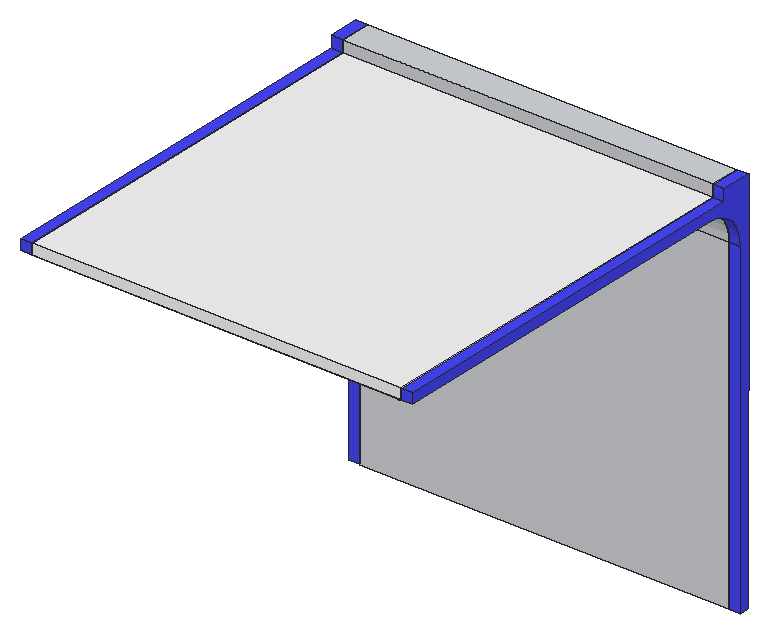
Revit family
Parameters
  WallToRadiusCenter = Door Thickness + if([2" Track], 0' 1", 0' 2") + (Door Height - if([2" Track], 0' 8", 1' 0")) * 0' 0 1/8" / 1' 0" + (Vertical Track Length - (Door Height - if([2" Track], 0' 8", 1' 0"))) * 0' 0 1/2" / 1' 0" + 1' 3"  # 1' - 7.16667"
  Vertical Track Length = Door Height - if([2" Track], 1' 2", 1' 6")  # 10' - 10"
  URL = "www.clopaydoor.com"
  Torsion Rear = not(Torsion Front)  # no
  Torsion Front = yes
  Thickness = Door Thickness + Strut Size  # 0' - 2"
  Strut Size = 0' - 0"
  Sideroom = if([3" Track], 0' 5 1/2", 0' 4 1/2")  # 0' - 4 1/2"
  Overlapping Jamb = yes
  Operator - Trolley = no
  Opening Width = 12' - 0"
  Opening Height = 12' - 0"
  Opener - Jackshaft Right-Hand = no
  Opener - Jackshaft Left-Hand = no
  Model = "N/A"
  Manufacturer = "Clopay Building Products"
  Horizontal Thickness = if([2" Track], 0' 4", 0' 8")  # 0' - 4"
  Headroom = if([3" Track], if(Torsion Front, 1' 1", 0' 10"), if(Torsion Front, 0' 10", 0' 6 1/2"))  # 0' - 10"
  Function = (empty or 0)
  Height = Opening Height + Sideroom * 0  # 12' - 0"
  Wall Closure = (empty or 0)
  Width = Opening Width + Sideroom * 0  # 12' - 0"
  Door Width = Opening Width + if(Overlapping Jamb, 0' 2", 0' 0")  # 12' - 2"
  Door Thickness = 0' - 2"
  Door Height = Opening Height + Sideroom * 0  # 12' - 0"
  Description = "Simple Solid Body for Interference Checking"
  BulkThickness = WallToRadiusCenter - 1' 3 3/8"  # 0' - 3.79167"
  Backroom = (BulkThickness + Door Height + if([3" Track], 1' 9", 1' 6")) + if(Torsion Rear, 1' 2", 0' 0")  # 13' - 9.79167"
  Assembly Code = "B2030410"
  Addl Strut Thickness = if(Thickness - BulkThickness > 0' 0 13/128", Thickness - BulkThickness, 0' 0 13/128")  # 0' - 0 13/128"
  3" Track = no
  2" Track = not([3" Track])  # yes
Reference planes (in)
  plane 1 "Center (Front/Back)": y = 0
  plane 2 "Center (Left/Right)": x = 0
  plane 3 "Left": x = -72
  plane 4 "Right": x = 72
  plane 5 "Header": z = 144
  plane 6 "Exterior": y = 3
  plane 7 "Interior": y = -3
  plane 8: x = -73
  plane 9: x = 73
  plane 10: z = 154
  plane 11: z = 130
  plane 12: y = -2
  plane 13: y = -22.16667
Forms (in)
  Extrusion 1, solid, material "White"
    sketch origin (73, -12, 0) x (0, 0, -1) y (0, -1, 0)
      loop
        line (0, -9) -> (0, -5.20833) -> (-130, -5.20833)
        arc (-130, -5.20833) -> (-140.87177, -0.7051) -> (-145.375, 10.16667) r 15.375
        line (-145.375, 10.16667) -> (-145.375, 156.79167) -> (-149.375, 156.79167) -> (-149.375, -9) -> (0, -9)
    from 0 to 146 <- "Door Width"
  Extrusion 2, solid, visible <- "Torsion Front"
    sketch origin (73, -12, 0) x (0, 0, -1) y (0, -1, 0)
      loop
        line (-154, -9) -> (-149.375, -9) -> (-149.375, 3) -> (-154, 3) -> (-154, -9)
    from 0 to 146 <- "Door Width"
  Extrusion 3, solid
    sketch origin (73, -12, 0) x (0, 0, -1) y (0, -1, 0)
      loop
        line (0, -5.20833) -> (0, -5.10677) -> (-130, -5.10677)
        arc (-130, -5.10677) -> (-140.7948, -0.68788) -> (-145.27344, 10.08228) r 15.18928
        line (-145.27344, 10.08228) -> (-145.27344, 156.79167) -> (-145.375, 156.79167) -> (-145.375, 10.16667)
        arc (-145.375, 10.16667) -> (-140.87177, -0.7051) -> (-130, -5.20833) r 15.375
        line (-130, -5.20833) -> (0, -5.20833)
    from 0 to 146 <- "Door Width"
  Extrusion 4, solid, material "Blue"
    sketch origin (-73, -12, 0) x (0, 0, -1) y (0, -1, 0)
      loop
        line (0, -9) -> (0, -5.20833) -> (-130, -5.20833)
        arc (-130, -5.20833) -> (-140.87177, -0.7051) -> (-145.375, 10.16667) r 15.375
        line (-145.375, 10.16667) -> (-145.375, 156.79167) -> (-149.375, 156.79167) -> (-149.375, 3) -> (-154, 3) -> (-154, -9) -> (0, -9)
    from 0 to 4.5 <- "Sideroom"
  Extrusion 5, solid, material "Red", visible <- "Opener - Jackshaft Left-Hand"
    sketch origin (-77.5, -12, 0) x (0, 0, -1) y (0, -1, 0)
      loop
        line (-154, -9) -> (-118, -9) -> (-118, 3) -> (-154, 3) -> (-154, -9)
    from 0 to 24
  Extrusion 6, solid, material "Blue"
    sketch origin (73, -12, 0) x (0, 0, 1) y (0, -1, 0)
      loop
        line (0, -9) -> (154, -9) -> (154, 3) -> (149.375, 3) -> (149.375, 156.79167) -> (145.375, 156.79167) -> (145.375, 10.16667)
        arc (145.375, 10.16667) -> (140.87177, -0.7051) -> (130, -5.20833) r 15.375
        line (130, -5.20833) -> (0, -5.20833) -> (0, -9)
    from 0 to 4.5 <- "Sideroom"
  Extrusion 7, solid, material "Red", visible <- "Opener - Jackshaft Right-Hand"
    sketch origin (77.5, -12, 0) x (0, 0, 1) y (0, -1, 0)
      loop
        line (154, 3) -> (118, 3) -> (118, -9) -> (154, -9) -> (154, 3)
    from 0 to 24
  Extrusion 8, solid, material "Red", visible <- "Operator - Trolley"
    sketch origin (73, -3, 149.375) x (0, -1, 0) y (1, 0, 0)
      loop
        line (165.79167, -85) -> (189.79167, -85) -> (189.79167, -61) -> (165.79167, -61) -> (165.79167, -85)
    from 2 to -10
  Extrusion 9, solid, material "Red", visible <- "Operator - Trolley"
    sketch origin (0, 0, 0) x (0, 1, 0) y (0, 0, 1)
      loop
        line (-192.79167, 151.375) -> (-192.79167, 149.37439) -> (-3, 155.10825) -> (-3, 157.10886) -> (-192.79167, 151.375)
    from 1 to -1
  Extrusion 10, solid, visible <- "Torsion Rear"
    sketch origin (-73, -12, 0) x (0, 0, 1) y (0, -1, 0)
      loop
        line (154, 144.79167) -> (154, 156.79167) -> (142, 156.79167) -> (142, 144.79167) -> (154, 144.79167)
    from 0 to 146 <- "Door Width"
  Extrusion 11, solid, material "Blue", visible <- "Torsion Rear"
    sketch origin (-73, -12, 0) x (0, 0, -1) y (0, -1, 0)
      loop
        line (-154, 144.79167) -> (-142, 144.79167) -> (-142, 156.79167) -> (-154, 156.79167) -> (-154, 144.79167)
    from 0 to 4.5 <- "Sideroom"
  Extrusion 12, solid, material "Blue", visible <- "Torsion Rear"
    sketch origin (73, -12, 0) x (0, 0, 1) y (0, -1, 0)
      loop
        line (154, 156.79167) -> (142, 156.79167) -> (142, 144.79167) -> (154, 144.79167) -> (154, 156.79167)
    from 0 to 4.5 <- "Sideroom"
Lines and regions (in)
  Opening 1
    outline origin (-60, -3, 0) x (1, 0, 0) y (0, 0, 1)
      loop
        line (132, 144) -> (-12, 144) -> (-12, 0) -> (132, 0) -> (132, 144)
Text (in)
  text "Exterior" at (-74.96733, 27.31104, 0), in view "Ref. Level"
  text "Interior" at (-74.96733, -25.14366, 0), in view "Ref. Level"
  text "Exterior" at (0, 40.15149, 123.01588), in view "Right"
  text "Interior" at (0, -64.39139, 123.01588), in view "Right"
  text "Interior" at (0, -31.01599, 123.00693), in view "Left"
  text "Exterior" at (0, 54.57065, 123.00693), in view "Left"
Dimensions and locks (in)
  equal spacing: plane 3 "Left", plane 2 "Center (Left/Right)", plane 4 "Right"
  "Height": level to plane 5 "Header"
  "Width": plane 3 "Left" to plane 4 "Right"
  equal spacing: plane 8, plane 2 "Center (Left/Right)", plane 9
  "Door Width": plane 8 to plane 9
  "Headroom": plane 10 to plane 5 "Header"
  "Vertical Track Length": plane 11 to level
  equal spacing: plane 6 "Exterior", plane 1 "Center (Front/Back)", plane 7 "Interior"
  "Thickness": plane 12 to host wall
  plane 11 to plane 5 "Header" to plane 10 = 1' - 2", 0' - 10"
  "WallToRadiusCenter": host wall to plane 13
  Extrusion 2 sketch curve to Extrusion 2 sketch curve = 1' - 0"
  "Horizontal Thickness": Extrusion 1 sketch curve to Extrusion 1 sketch curve
  "Backroom": host wall to Extrusion 1 sketch curve
  "Addl Strut Thickness": Extrusion 3 sketch curve to Extrusion 1
  "Addl Strut Thickness": Extrusion 1 to Extrusion 3 sketch curve
  Extrusion 5 sketch curve to Extrusion 5 sketch curve = 3' - 0"
  equal spacing: Extrusion 8 sketch curve, plane 2 "Center (Left/Right)", Extrusion 8 sketch curve
  Extrusion 9 sketch curve to Extrusion 5 = 0' - 3.10886"
  locked: Extrusion 9 sketch curve to Extrusion 9 sketch curve at 1.9997
  locked: Extrusion 10 sketch curve to Extrusion 10 sketch curve at 12
  locked: Extrusion 10 sketch curve to Extrusion 8 at 12
  radius of Extrusion 1 sketch curve = 1' - 3 3/8"
  aligned and locked: plane 6 "Exterior" to host wall
  aligned and locked: host wall to plane 7 "Interior"
  aligned and locked: plane 5 "Header" to Opening 1 sketch curve
  aligned and locked: plane 4 "Right" to Opening 1 sketch curve
  aligned and locked: level to Opening 1 sketch curve
  aligned and locked: Opening 1 sketch curve to plane 3 "Left"
  aligned and locked: plane 7 "Interior" to Extrusion 1 sketch curve
  aligned and locked: Extrusion 2 sketch curve to plane 10
  aligned and locked: Extrusion 1 to Extrusion 2 sketch curve  (x2)
  aligned: Extrusion 1 to Extrusion 2 sketch curve
  aligned and locked: level to Extrusion 3 sketch curve
  aligned and locked: Extrusion 3 sketch curve to Extrusion 1  (x3)
  aligned: Extrusion 4 sketch curve to Extrusion 1
  aligned and locked: Extrusion 4 sketch curve to Extrusion 1  (x3)
  aligned and locked: Extrusion 5 sketch curve to Extrusion 4
  aligned and locked: Extrusion 6 sketch curve to Extrusion 1  (x3)
  aligned and locked: Extrusion 6 sketch curve to Extrusion 2  (x2)
  aligned: Extrusion 6 sketch curve to Extrusion 1
  aligned and locked: Extrusion 7 sketch curve to Extrusion 2
  aligned and locked: Extrusion 7 sketch curve to Extrusion 5  (x3)
  aligned and locked: Extrusion 4 sketch curve to Extrusion 2
  aligned and locked: Extrusion 2 to Extrusion 4 sketch curve
  aligned and locked: Extrusion 8 sketch curve to Extrusion 1
  aligned and locked: Extrusion 9 sketch curve to Extrusion 8
  aligned and locked: Extrusion 8 to Extrusion 9 sketch curve
  aligned and locked: Extrusion 9 sketch curve to host wall
  aligned and locked: Extrusion 4 sketch curve to Extrusion 3
  aligned and locked: Extrusion 6 sketch curve to Extrusion 3
  aligned and locked: plane 10 to Extrusion 10 sketch curve
  aligned and locked: Extrusion 10 sketch curve to Extrusion 4
  aligned and locked: Extrusion 11 sketch curve to Extrusion 10  (x4)
  aligned and locked: Extrusion 12 sketch curve to Extrusion 10  (x4)
Automatic sketch dimensions
  Extrusion 1 sketch curve to plane 13 = 0' - 0"
  Extrusion 1 sketch curve to plane 11 = 0' - 0"
  Extrusion 1 sketch curve to level = 0' - 0"
  Extrusion 3 sketch curve to plane 11 = 0' - 0"
  plane 11 to Extrusion 3 sketch curve = 0' - 0.08416"
  Extrusion 4 sketch curve to Extrusion 1 = 0' - 0"
  Extrusion 5 sketch curve to Extrusion 4 = 0' - 0"  (x2)
  Extrusion 6 sketch curve to Extrusion 1 = 0' - 0"
  Extrusion 8 sketch curve to Extrusion 1 = 2' - 0"
  Extrusion 1 to Extrusion 8 sketch curve = 5' - 1"
